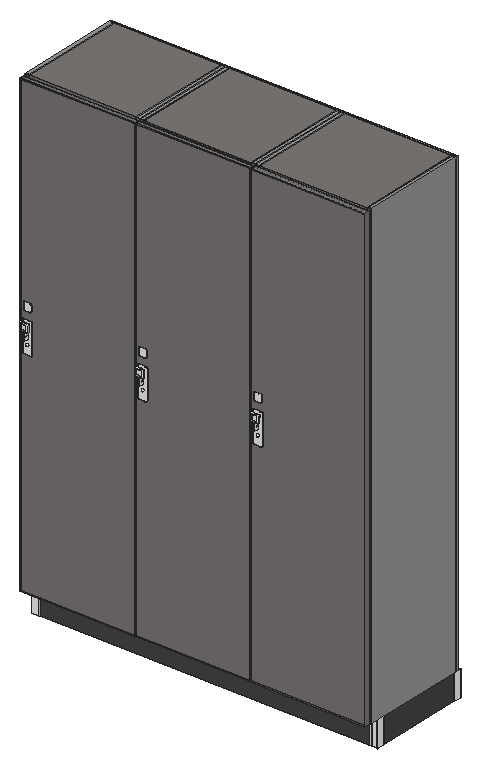
Revit family "Wood_Lockers_Hasps-Salsbury_Industries-18_41000_Series-3_Wide_Units", category Specialty Equipment, Revit 2026 (continued)
Definition of nested family "Wood Locker Sloping Corner Fillers"
  Forms (in)
    Extrusion 7, solid, material <- "Laminate Surface", visible <- "Visible"
      sketch origin (0, -11.5, 0) x (1, 0, 0) y (0, 0, 1)
        loop
          line (11.5, 0) -> (11.5, 0.062) -> (11.469, 0.062) -> (11.469, 0) -> (11.5, 0)
      from 0 to 2.25
    Extrusion 8, void
      sketch origin (13.75, 0, 0) x (0, -1, 0) y (0, 0, 1)
        loop
          line (-12.125, 0) -> (9.66023, 0) -> (-12.125, 8.36937) -> (-12.125, 0)
      from 0 to 25.875
  Cuts and joins
    Extrusion 3, Extrusion 8 cuts Extrusion 1
    Extrusion 3 cuts Extrusion 2
    Extrusion 8 cuts Extrusion 5
    Extrusion 8 cuts Extrusion 6
  Dimensions and locks (in)
    locked: plane 4 "Front of Hood" to plane 7 "Black Trim Line" at 0.031
    locked: plane 8 to plane 6 "Bottom of Hood" at 0.062
    locked: plane 9 to plane 6 "Bottom of Hood" at 0.75
    "Height": plane 14 "Top" to plane 6 "Bottom of Hood"
    "Width": plane 12 "New Left Side" to plane 13 "New Right Side"
    "Depth": plane 11 "New Front of Hood" to plane 10 "New Back of Hood"
    equal spacing: plane 12 "New Left Side", plane 3 "Center (Left/Right)", plane 13 "New Right Side"
    equal spacing: plane 11 "New Front of Hood", plane 1 "Center (Front/Back)", plane 10 "New Back of Hood"
    locked: plane 5 "Right Side of Hood" to plane 13 "New Right Side" at 2.25
    locked: plane 11 "New Front of Hood" to plane 4 "Front of Hood" at 2.25
    locked: plane 15 to plane 5 "Right Side of Hood" at 0.031
    aligned and locked: level to plane 2
    aligned and locked: plane 12 "New Left Side" to Extrusion 3
    aligned and locked: Extrusion 2 to plane 13 "New Right Side"
    aligned and locked: plane 12 "New Left Side" to cut or joined group of Extrusion 2, Extrusion 3
    aligned and locked: cut or joined group of Extrusion 2, Extrusion 3 to plane 10 "New Back of Hood"
    aligned and locked: plane 12 "New Left Side" to cut or joined group of Extrusion 1, Extrusion 3, Extrusion 8
    aligned and locked: cut or joined group of Extrusion 1, Extrusion 3, Extrusion 8 to plane 13 "New Right Side"
    aligned and locked: cut or joined group of Extrusion 1, Extrusion 3, Extrusion 8 to plane 10 "New Back of Hood"  (x2)
    aligned and locked: plane 4 "Front of Hood" to cut or joined group of Extrusion 2, Extrusion 3
    aligned and locked: Extrusion 3 to cut or joined group of Extrusion 2, Extrusion 3
    aligned and locked: plane 13 "New Right Side" to cut or joined group of Extrusion 1, Extrusion 3, Extrusion 8
    aligned and locked: plane 5 "Right Side of Hood" to Extrusion 4
    aligned and locked: Extrusion 8 to Extrusion 1  (x2)
    aligned and locked: Extrusion 1 to Extrusion 8
    aligned and locked: cut or joined group of Extrusion 1, Extrusion 3, Extrusion 8 to Extrusion 6
    aligned and locked: plane 11 "New Front of Hood" to Extrusion 6
    aligned and locked: plane 12 "New Left Side" to Extrusion 6
    aligned and locked: plane 11 "New Front of Hood" to Extrusion 5
    aligned and locked: plane 12 "New Left Side" to Extrusion 5
    aligned and locked: cut or joined group of Extrusion 1, Extrusion 3, Extrusion 8 to Extrusion 5
  Automatic sketch dimensions
    Extrusion 1 sketch curve to level = 0.000"
    Extrusion 1 sketch curve to plane 7 "Black Trim Line" = 0.000"
    plane 8 to Extrusion 1 sketch curve = 0.000"
    Extrusion 1 sketch curve to plane 10 "New Back of Hood" = 0.000"
    Extrusion 1 sketch curve to Extrusion 1 sketch curve = 0.04881"
    Extrusion 1 sketch curve to Extrusion 1 sketch curve = 1.75996"
    plane 14 "Top" to Extrusion 1 sketch curve = 0.74863"
    plane 14 "Top" to Extrusion 1 sketch curve = 0.031"
    Extrusion 2 sketch curve to plane 4 "Front of Hood" = 0.000"
    plane 8 to Extrusion 2 sketch curve = 0.000"
    Extrusion 2 sketch curve to plane 10 "New Back of Hood" = 0.000"
    plane 14 "Top" to Extrusion 2 sketch curve = 0.000"
    Extrusion 2 sketch curve to plane 7 "Black Trim Line" = 0.04881"
    plane 14 "Top" to Extrusion 2 sketch curve = 0.031"
    plane 10 "New Back of Hood" to Extrusion 3 sketch curve = 0.000"
    plane 4 "Front of Hood" to Extrusion 3 sketch curve = 0.000"
    Extrusion 3 sketch curve to plane 12 "New Left Side" = 0.000"
    Extrusion 3 sketch curve to plane 5 "Right Side of Hood" = 0.000"
    Extrusion 4 sketch curve to level = 0.000"
    Extrusion 4 sketch curve to plane 7 "Black Trim Line" = 0.000"
    Extrusion 4 sketch curve to plane 4 "Front of Hood" = 0.000"
    plane 8 to Extrusion 4 sketch curve = 0.000"
    Extrusion 5 sketch curve to level = 0.000"
    Extrusion 5 sketch curve to plane 8 = 0.000"
    plane 14 "Top" to Extrusion 5 sketch curve = 0.031"
    Extrusion 5 sketch curve to plane 12 "New Left Side" = 0.000"
    plane 5 "Right Side of Hood" to Extrusion 5 sketch curve = 1.83977"
    plane 5 "Right Side of Hood" to Extrusion 5 sketch curve = 0.07981"
    Extrusion 5 sketch curve to Extrusion 5 sketch curve = 0.04881"
    Extrusion 5 sketch curve to Extrusion 5 sketch curve = 0.71763"
    plane 14 "Top" to Extrusion 6 sketch curve = 0.000"
    Extrusion 6 sketch curve to plane 8 = 0.000"
    Extrusion 6 sketch curve to plane 12 "New Left Side" = 0.000"
    plane 5 "Right Side of Hood" to Extrusion 6 sketch curve = 0.07981"
    Extrusion 6 sketch curve to Extrusion 6 sketch curve = 0.07981"
    plane 14 "Top" to Extrusion 6 sketch curve = 0.031"
    Extrusion 7 sketch curve to level = 0.000"
    plane 15 to Extrusion 7 sketch curve = 0.000"
    plane 5 "Right Side of Hood" to Extrusion 7 sketch curve = 0.000"
    Extrusion 7 sketch curve to plane 8 = 0.000"
    Extrusion 8 sketch curve to plane 10 "New Back of Hood" = 0.000"
    Extrusion 8 sketch curve to level = 0.000"
    Extrusion 8 sketch curve to plane 7 "Black Trim Line" = 1.80877"
    plane 14 "Top" to Extrusion 8 sketch curve = 0.74863"
Definition of nested family "Wood Locker Sloping In-Line Fillers"
  Parameters (values of type "44489 - 15" W for 24" D Lockers")
    Width = 15.000"
    Visible = yes
    Version = "1.0 (12/15/23)"
    Type Comments = "Sloping Hood In-Line Filler for Premier Wood Lockers"
    Model = "44489"
    Manufacturer = "Salsbury Industries"
    Laminate Surface = none
    Height = 9.118"
    Description = "For 24\" D Lockers"
    Depth = 23.625"
    Default Elevation = 0.000"
  Types (10): name | Width | Visible | Version | Type Comments | Model | Manufacturer | Height | Description | Depth
    (no name) | 15.000" | yes | "1.0 (12/15/23)" | "Sloping Hood In-Line Filler for Premier Wood Lockers" | "44489" | "Salsbury Industries" | 9.118" | "For 24\" D Lockers" | 23.625"
    44487 - 15" W for 15" D Lockers | 15.000" | yes | "1.0 (12/15/23)" | "Sloping Hood In-Line Filler for Premier Wood Lockers" | "44487" | "Salsbury Industries" | 5.743" | "For 15\" D Lockers" | 14.625"
    44488 - 15" W for 18" D Lockers | 15.000" | yes | "1.0 (12/15/23)" | "Sloping Hood In-Line Filler for Premier Wood Lockers" | "44488" | "Salsbury Industries" | 6.868" | "For 18\" D Lockers" | 17.625"
    44481 - 15" W for 21" D Lockers | 15.000" | yes | "1.0 (12/15/23)" | "Sloping Hood In-Line Filler for Premier Wood Lockers" | "44481" | "Salsbury Industries" | 7.993" | "For 21\" D Lockers" | 20.625"
    None | 12.000" | no | "" | "" | "" | "" | 5.500" | "" | 14.000"
    44489 - 15" W for 24" D Lockers | 15.000" | yes | "1.0 (12/15/23)" | "Sloping Hood In-Line Filler for Premier Wood Lockers" | "44489" | "Salsbury Industries" | 9.118" | "For 24\" D Lockers" | 23.625"
    44488 - 9" W for 18" D Lockers | 9.000" | yes | "1.0 (12/15/23)" | "Sloping Hood In-Line Filler for Premier Wood Lockers" | "44488" | "Salsbury Industries" | 6.868" | "For 18\" D Lockers" | 17.625"
    44487 - 9" W for 15" D Lockers | 9.000" | yes | "1.0 (12/15/23)" | "Sloping Hood In-Line Filler for Premier Wood Lockers" | "44487" | "Salsbury Industries" | 5.743" | "For 15\" D Lockers" | 14.625"
    44481 - 9" W for 21" D Lockers | 9.000" | yes | "1.0 (12/15/23)" | "Sloping Hood In-Line Filler for Premier Wood Lockers" | "44481" | "Salsbury Industries" | 7.993" | "For 21\" D Lockers" | 20.625"
    44489 - 9" W for 24" D Lockers | 9.000" | yes | "1.0 (12/15/23)" | "Sloping Hood In-Line Filler for Premier Wood Lockers" | "44489" | "Salsbury Industries" | 9.118" | "For 24\" D Lockers" | 23.625"
  Reference planes (in)
    plane 1 "Center (Front/Back)": y = 0
    plane 2: z = 0
    plane 3 "Center (Left/Right)": x = 0
    plane 4 "Front of Hood": y = -11.8125
    plane 5 "Back of Hood": y = 11.8125
    plane 6 "Right Side of Hood": x = 7.5
    plane 7 "Left Side of Hood": x = -7.5
    plane 8 "Bottom of Hood": z = 0
    plane 9 "Top of Hood": z = 9.118
    plane 10: x = 6.75
    plane 11: x = -6.75
    plane 12: y = -11.7815
    plane 13: y = -11.0625
    plane 14: z = 9.087
    plane 15: z = 8.368
    plane 16: z = 0.062
    plane 17: z = 0.75
  Forms (in)
    Extrusion 1, solid, visible <- "Visible"
      sketch origin (0, 0, 0) x (0, 1, 0) y (0, 0, 1)
        loop
          line (-9.97273, 0) -> (11.8125, 8.368) -> (11.8125, 9.087) -> (-11.73269, 0.062) -> (-11.7815, 0.062) -> (-11.7815, 0) -> (-9.97273, 0)
      from -7.5 to 7.5
    Extrusion 2, solid, material <- "Laminate Surface", visible <- "Visible"
      sketch origin (0, 0, 0) x (0, 1, 0) y (0, 0, 1)
        loop
          line (-11.8125, 0.062) -> (-11.8125, 0) -> (-11.7815, 0) -> (-11.7815, 0.062) -> (-11.8125, 0.062)
      from -7.5 to 7.5
    Extrusion 3, solid, material <- "Laminate Surface", visible <- "Visible"
      sketch origin (0, 0, 0) x (0, 1, 0) y (0, 0, 1)
        loop
          line (11.8125, 9.118) -> (-11.8125, 0.062) -> (-11.73269, 0.062) -> (11.8125, 9.087) -> (11.8125, 9.118)
      from -7.5 to 7.5
  Dimensions and locks (in)
    equal spacing: plane 7 "Left Side of Hood", plane 3 "Center (Left/Right)", plane 6 "Right Side of Hood"
    "Width": plane 7 "Left Side of Hood" to plane 6 "Right Side of Hood"
    equal spacing: plane 4 "Front of Hood", plane 1 "Center (Front/Back)", plane 5 "Back of Hood"
    "Depth": plane 4 "Front of Hood" to plane 5 "Back of Hood"
    "Height": plane 9 "Top of Hood" to plane 8 "Bottom of Hood"
    plane 7 "Left Side of Hood" to plane 11 = 0.750"
    plane 10 to plane 6 "Right Side of Hood" = 0.750"
    plane 4 "Front of Hood" to plane 12 to plane 13 = 0.031" locked, 0.719" locked
    plane 15 to plane 14 to plane 9 "Top of Hood" = 0.719" locked, 0.031" locked
    locked: plane 16 to plane 8 "Bottom of Hood" at 0.062
    locked: plane 17 to plane 8 "Bottom of Hood" at 0.75
    aligned and locked: level to plane 2
    aligned and locked: Extrusion 1 to plane 6 "Right Side of Hood"
    aligned and locked: plane 7 "Left Side of Hood" to Extrusion 1
    aligned and locked: plane 7 "Left Side of Hood" to Extrusion 3
    aligned and locked: Extrusion 3 to plane 6 "Right Side of Hood"
    aligned and locked: Extrusion 2 to plane 6 "Right Side of Hood"
    aligned and locked: plane 7 "Left Side of Hood" to Extrusion 2
  Automatic sketch dimensions
    Extrusion 2 sketch curve to level = 0.000"
    Extrusion 2 sketch curve to plane 4 "Front of Hood" = 0.000"
    Extrusion 2 sketch curve to plane 12 = 0.000"
    plane 16 to Extrusion 2 sketch curve = 0.000"
    Extrusion 3 sketch curve to plane 4 "Front of Hood" = 0.000"
    plane 16 to Extrusion 3 sketch curve = 0.000"
    Extrusion 3 sketch curve to plane 5 "Back of Hood" = 0.000"
    plane 14 to Extrusion 3 sketch curve = 0.000"
    plane 9 "Top of Hood" to Extrusion 3 sketch curve = 0.000"
    Extrusion 3 sketch curve to plane 12 = 0.04881"
    Extrusion 1 sketch curve to level = 0.000"
    Extrusion 1 sketch curve to plane 12 = 0.000"
    plane 16 to Extrusion 1 sketch curve = 0.000"
    Extrusion 1 sketch curve to plane 5 "Back of Hood" = 0.000"
    plane 15 to Extrusion 1 sketch curve = 0.000"
    plane 14 to Extrusion 1 sketch curve = 0.000"
    Extrusion 1 sketch curve to plane 13 = 1.08977"
    Extrusion 1 sketch curve to plane 12 = 0.04881"
Types (7): name | Unit Height including Sloping Hood Only | Unit Height including Base Only | Sloping Hood Height | Overall Unit Height including Base and Sloping Hood | Model | Description | Depth | Compartment Depth | Base Height | Base Depth | Base
  (no name) | 78.868" | 76.000" | 6.868" | 82.868" | "18-41368" | "3 Wide - 6 Feet High - 18 inches Deep - with Base" | 18.000" | 16.750" | 4.000" | 16.250" | Wood Locker Bases : Base - 54" W x 18" D Lockers
  18-41364 | 81.118" | 76.000" | 9.118" | 85.118" | "18-41364" | "3 Wide - 6 Feet High - 24 inches Deep - with Base" | 24.000" | 22.750" | 4.000" | 22.250" | Wood Locker Bases : Base - 54" W x 24" D Lockers
  18-41364 - Without Base | 81.118" | 72.000" | 9.118" | 81.118" | "18-41364 - without Base" | "3 Wide - 6 Feet High - 24 inches Deep - with Base" | 24.000" | 22.750" | 0.000" | 22.250" | Wood Locker Bases : None
  18-41368 | 78.868" | 76.000" | 6.868" | 82.868" | "18-41368" | "3 Wide - 6 Feet High - 18 inches Deep - with Base" | 18.000" | 16.750" | 4.000" | 16.250" | Wood Locker Bases : Base - 54" W x 18" D Lockers
  18-41368 - Without Base | 78.868" | 72.000" | 6.868" | 78.868" | "18-41368 - without Base" | "3 Wide - 6 Feet High - 18 inches Deep - with Base" | 18.000" | 16.750" | 0.000" | 16.250" | Wood Locker Bases : None
  18-41361 | 79.993" | 76.000" | 7.993" | 83.993" | "18-41361" | "3 Wide - 6 Feet High - 21 inches Deep - with Base" | 21.000" | 19.750" | 4.000" | 19.250" | Wood Locker Bases : Base - 54" W x 21" D Lockers
  18-41361 - Without Base | 79.993" | 72.000" | 7.993" | 79.993" | "18-41361 - without Base" | "3 Wide - 6 Feet High - 21 inches Deep - with Base" | 21.000" | 19.750" | 0.000" | 19.250" | Wood Locker Bases : None
